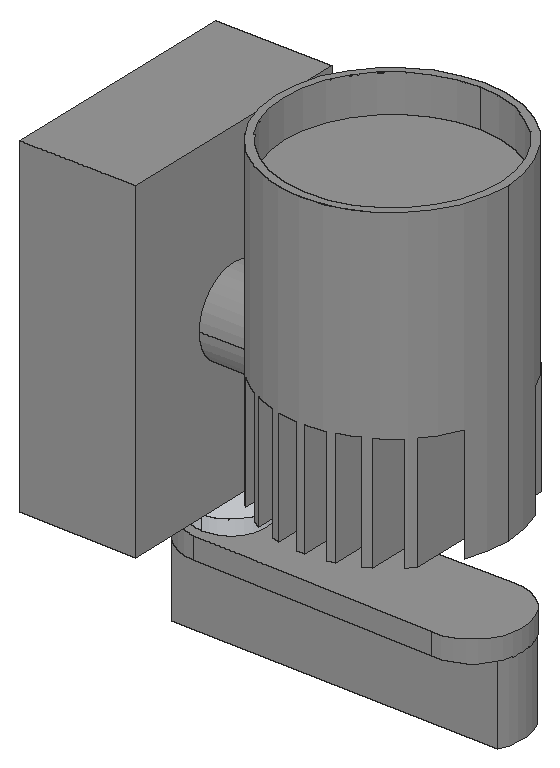
Revit family "2059799 Sylvania Lighting Fixture BEACON MUSE Xicato 4K O B DIM LS3 White", category Lighting Fixtures, host Face, Revit 2016
Family settings
  Host = Face
  Part Type = Normal
  Round Connector Dimension = Use Diameter
  OmniClass Number = 23.80.70.00
  OmniClass Title = Lighting
  Cut with Voids When Loaded = No
  Light Source = Yes
  Shared = No
  Room Calculation Point = No
Parameters (values of type "2059799 BEACON MUSE XICATO 4K O/B DIM LS3 WHT")
  head from driver = 52 mm
  driver head distance = 15 mm
  ceiling drop = 180 mm
  Weight = "n/a"
  Wattage Comments = ""
  Wattage = 0 W
  WarrantyStartDate [instance] = "n/a"
  WarrantyGuarantorParts = ""
  WarrantyDurationUnit = "http://www.sylvania-lighting.com"
  WarrantyDurationParts = "n/a"
  WarrantyDescription = "0.95"
  built-in parameter 1150110 = 1 (stored number, unit not read)
  Voltage = 0 V
  URL = "\\\\svlondc02\\data\\R&D_Fixtures_General\\Dialux Admin\\Michael H\\Bim\\All ranges Feilo\\not Completed\\Beacon Xicato\\Beacon Muse Xicato\\2059799.ies"
  TypeName = "BEACON MUSE Xicato 4K O/B DIM LS3 White"
  Type Image = <None>
  Type Comments = "n/a"
  built-in parameter 1114217 = 1 (stored number, unit not read)
  Tilt Angle = 90.00°
  built-in parameter 1150109 = 1 (stored number, unit not read)
  built-in parameter 1150134 = 3
  built-in parameter 1150113 = 1 (stored number, unit not read)
  SerialNumber [instance] = "n/a"
  Photometric Web File = "2059799.ies"
  Material_3_FEILO = none
  PowerFactor = 0
  PowerConsumption = "0"
  NominalLength = 0 mm
  NominalHeight = 0 mm
  NominalDepth = 0 mm
  Name = "BEACON MUSE Xicato 4K O/B DIM LS3 White"
  ModelReference = Name  # "BEACON MUSE Xicato 4K O/B DIM LS3 White"
  ModelNumber = "2059799"
  Model = Name  # "BEACON MUSE Xicato 4K O/B DIM LS3 White"
  Material = ""
  ManufacturerName = ""
  Manufacturer = ""
  LuminousEfficacy = "100"
  built-in parameter 1150105 = (empty or 0)
  Lumens = 0 lm
  LuminaireType = "395/698 lm"
  built-in parameter 1150115 = 1 (stored number, unit not read)
  Lighting Material = none
  LightOutputRatio = "3"
  built-in parameter 1150137 = (empty or 0)
  built-in parameter 1150139 = (empty or 0)
  Light = none
  LampsType = Lamp  # "n/a"
  LampNominalLuminous = "LED"
  LampMacAdamStep = "16500"
  LampColourTemperature = "n/a"
  LampColourRenderingIndex = "n/a"
  built-in parameter 1150112 = 1 (stored number, unit not read)
  built-in parameter 1150114 = 1 (stored number, unit not read)
  Lamp = "n/a"
  Keynote = "0"
  InstallationDate [instance] = "n/a"
  InputVoltage = "IP20"
  InputNominalFrequency = "IK02"
  built-in parameter 1150132 = (empty or 0)
  built-in parameter 1150102 = (empty or 0)
  built-in parameter 1150107 = 3200 (stored number, unit not read)
  built-in parameter 1150138 = (empty or 0)
  IngressProtection = ""
  ImpactProtectionIndex = "Class II"
  built-in parameter 1150106 = (empty or 0)
  IfcExportType = "IfcLightFixtureType"
  IfcExportAs = "35"
  Head Length [instance] = 142 mm
  ExpectedLife = 50000
  Emit from Circle Diameter = 609.6 mm
  Emit Shape Visible in Rendering = no
  ElectricShockClassification = ""
  built-in parameter 1150104 = 13.8 (stored number, unit not read)
  DurationUnit = "hours"
  Driver Width = 85 mm
  DocumentationLiterature = "http://www.sylvania-lighting.com/product/en-int/products/2059799"
  DimmingControlOptions = "n/a"
  Material_2_FEILO = none
  Dimming Lamp Color Temperature Shift = <None>
  Diameter = 80 mm
  Description = "Integrated LED spotlight with Xicato Artist LED Module, white RAL 9016, unique soft-touch ring, adjustable beam angle from a 8° spot to a 55° flood, compact and minimalist design, ideal for museum, gallery and high-end retail applications, die-cast aluminium body, passive cooling heatsink, beam angle: 8° spot to 52° flood, optics: aspheric glass lens, colour temperature: 4000K neutral white, total system power: 20W, total fixture output: 395/698lm, luminaire efficacy: 35lm/W, LOR: 100%, colour rendering: Ra 97 typical, LED Chromacity: 3 step MacAdam ellipse, lifetime: >50,000 hours at L70B50, energy class: A++, A+, A, IR/UV free light source without heat radiation, operating voltage: 220-240V / 50-60Hz, drive current: 700mA, electronic driver, dimmable via on-board potentiometer, power factor: 0.9 electrical protection: CLASS II, 3-circuit track adaptor, suitable for Concord Lytespan 3 track, ingress protection rating: IP20, suitable for internal environment only, horizontal rotation: 355°, vertical tilt: 90°, dimensions: Ø80x135x176mm, weight: 0.95kg"
  Default Elevation = 115 mm
  CreatedOn = "02/07/2019"
  CreatedBy = "@sylvania-lighting.com"
  Cost = 0
  Color Filter = 16777215
  built-in parameter 1114216 [instance] = (empty or 0)
  ClassificationValue = "EF_70_80"
  ClassificationName = "Uniclass2015"
  Material_1_FEILO = none
  BarCode [instance] = "n/a"
  built-in parameter 1114218 = 1 (stored number, unit not read)
  built-in parameter 1150133 = 10 (stored number, unit not read)
  AssetType = "Fixed"
  AssetIdentifier [instance] = "n/a"
  Assembly Code = "D5020200"
  Apparent Load = 20 VA
  Material_4_FEILO = none
  Adaptor Width = 34.952 mm
  Adaptor Pivot = 24.952 mm
  Adaptor Inside Width = 16.53 mm
Reference planes
  plane 1 "Center (Front/Back)": y = 0
  plane 2: z = 0
  plane 3 "Center (Left/Right)": x = 0
  plane 4: y = 40
  plane 5: y = -40
  plane 6: x = -40
  plane 7: x = 40
  plane 8: z = 148
  plane 9: z = -14
  plane 10: x = -72.5
  plane 11: x = -112.5
  plane 12: z = 76
  plane 13: y = 42.5
  plane 14: y = -42.5
  plane 15: y = 17.476
  plane 16: y = -17.476
  plane 17: y = 12.476
  plane 18: y = -12.476
  plane 19: y = 8.265
  plane 20: y = -8.265
  plane 21: z = 5.5
  plane 22: z = 38
  plane 23: x = 35
  plane 24: x = 28
  plane 25: x = 25.5
  plane 26: x = 18.5
  plane 27: x = 16
  plane 28: x = 9
  plane 29: x = 6.5
  plane 30: x = -0.5
  plane 31: x = -3
  plane 32: x = -10
  plane 33: x = -12.5
  plane 34: x = -19.5
  plane 35: x = -22
  plane 36: x = -29
  plane 37: x = -31.5
  plane 38: x = -38.5
Forms (mm)
  Extrusion 1, solid, material "Aluminum", detail levels medium+fine
    sketch origin (0, 0, 0) x (1, 0, 0) y (0, 1, 0)
      loop
        circle (0, 0) r 40
    from 38 to 148
  Extrusion 2, solid, material "Aluminum", detail levels medium+fine
    sketch origin (17.5, 0, 0) x (1, 0, 0) y (0, 1, 0)
      loop
        line (-112.5, 42.5) -> (-112.5, -42.16) -> (-72.5, -42.16) -> (-72.5, 42.5) -> (-112.5, 42.5)
    from 18 to 133
  Extrusion 3, solid, material "Aluminum"
    sketch origin (336.5, 1524, 1219.2) x (0, 1, 0) y (0, 0, 1)
      loop
        circle (-1524, -1143.2) r 15
    from -391.5 to -373.374
  Extrusion 4, solid, detail levels fine
    sketch origin (16.702, -15.316, 18) x (0, 1, 0) y (1, 0, 0)
      loop
        circle (15.34, -72.5) r 12.5
    from 0 to 5
  Extrusion 5, solid, material "Aluminum", detail levels fine
    sketch origin (15.705, -27.856, 13) x (-1, 0, 0) y (0, 1, 0)
      loop
        arc (-11.998, 45.379) -> (-29.497, 27.722) -> (-11.683, 10.382) r 17.5
        line (-11.683, 10.382) -> (71.502, 11.879)
        arc (71.502, 11.879) -> (87.502, 27.879) -> (71.502, 43.879) r 16
        line (71.502, 43.879) -> (-11.998, 45.379)
    from 0 to 7.5
  Extrusion 6, void
    sketch origin (0, 0, 148) x (0, 1, 0) y (1, 0, 0)
      loop
        circle (0, 0) r 37.5
    from 0 to 15
  Extrusion 7, solid, material "Aluminum", detail levels fine
    sketch origin (17.5, 0, 0) x (1, 0, 0) y (0, 1, 0)
      loop
        arc (-87.012, 8.265) -> (-89.298, 0) -> (-87.012, -8.265) r 16.086
        line (-87.012, -8.265) -> (25.615, -8.265)
        arc (25.615, -8.265) -> (27.702, 0) -> (25.615, 8.265) r 17.405
        line (25.615, 8.265) -> (-87.012, 8.265)
    from -21.5 to 5.5
  Extrusion 8, solid, not visible
    sketch origin (0, 0, 0) x (1, 0, 0) y (0, 1, 0)
      loop
        circle (0, 0) r 57.5
    from 48 to 180
  Extrusion 9, void, not visible
    sketch origin (0, 0, 48) x (1, 0, 0) y (0, 1, 0)
      loop
        line (43.7, -85.519) -> (53.7, -85.519) -> (53.7, 68.594) -> (43.7, 68.594) -> (43.7, -85.519)
      loop
        line (39.9, -85.519) -> (39.9, 68.594) -> (29.9, 68.594) -> (29.9, -85.519) -> (39.9, -85.519)
      loop
        line (26.1, -85.519) -> (26.1, 68.594) -> (16.1, 68.594) -> (16.1, -85.519) -> (26.1, -85.519)
      loop
        line (12.3, -85.519) -> (12.3, 68.594) -> (2.3, 68.594) -> (2.3, -85.519) -> (12.3, -85.519)
      loop
        line (-1.5, -85.519) -> (-1.5, 68.594) -> (-11.5, 68.594) -> (-11.5, -85.519) -> (-1.5, -85.519)
      loop
        line (-15.3, -85.519) -> (-15.3, 68.594) -> (-25.3, 68.594) -> (-25.3, -85.519) -> (-15.3, -85.519)
      loop
        line (-29.1, -85.519) -> (-29.1, 68.594) -> (-39.1, 68.594) -> (-39.1, -85.519) -> (-29.1, -85.519)
      loop
        line (-42.9, -85.519) -> (-42.9, 68.594) -> (-52.9, 68.594) -> (-52.9, -85.519) -> (-42.9, -85.519)
    from 0 to 60
  Extrusion 10, solid, not visible
    sketch origin (319, 1524, 1219.2) x (0, 1, 0) y (0, 0, 1)
      loop
        circle (-1524, -1143.2) r 15
    from -391.5 to -361.9
  Extrusion 11, void, not visible
    sketch origin (0, 0, 180) x (0, 1, 0) y (1, 0, 0)
      loop
        circle (0, 0) r 53
    from 0 to 15
  Extrusion 12, solid, not visible
    sketch origin (0, 0, 0) x (1, 0, 0) y (0, 1, 0)
      loop
        circle (0, 0) r 57.5
    from 48 to 180
  Extrusion 13, solid, not visible
    sketch origin (0, 0, 0) x (1, 0, 0) y (0, 1, 0)
      loop
        line (-112.5, 42.5) -> (-112.5, -42.16) -> (-72.5, -42.16) -> (-72.5, 42.5) -> (-112.5, 42.5)
    from 18 to 133
  Extrusion 14, void, not visible
    sketch origin (0, 0, 48) x (1, 0, 0) y (0, 1, 0)
      loop
        line (43.7, -85.519) -> (53.7, -85.519) -> (53.7, 68.594) -> (43.7, 68.594) -> (43.7, -85.519)
      loop
        line (39.9, -85.519) -> (39.9, 68.594) -> (29.9, 68.594) -> (29.9, -85.519) -> (39.9, -85.519)
      loop
        line (26.1, -85.519) -> (26.1, 68.594) -> (16.1, 68.594) -> (16.1, -85.519) -> (26.1, -85.519)
      loop
        line (12.3, -85.519) -> (12.3, 68.594) -> (2.3, 68.594) -> (2.3, -85.519) -> (12.3, -85.519)
      loop
        line (-1.5, -85.519) -> (-1.5, 68.594) -> (-11.5, 68.594) -> (-11.5, -85.519) -> (-1.5, -85.519)
      loop
        line (-15.3, -85.519) -> (-15.3, 68.594) -> (-25.3, 68.594) -> (-25.3, -85.519) -> (-15.3, -85.519)
      loop
        line (-29.1, -85.519) -> (-29.1, 68.594) -> (-39.1, 68.594) -> (-39.1, -85.519) -> (-29.1, -85.519)
      loop
        line (-42.9, -85.519) -> (-42.9, 68.594) -> (-52.9, 68.594) -> (-52.9, -85.519) -> (-42.9, -85.519)
    from 0 to 60
  Extrusion 15, solid, not visible
    sketch origin (319, 1524, 1219.2) x (0, 1, 0) y (0, 0, 1)
      loop
        circle (-1524, -1143.2) r 15
    from -391.5 to -361.9
  Extrusion 16, void, not visible
    sketch origin (0, 0, 180) x (0, 1, 0) y (1, 0, 0)
      loop
        circle (0, 0) r 53
    from 0 to 15
  Extrusion 17, solid, not visible
    sketch origin (0, 0, 0) x (1, 0, 0) y (0, 1, 0)
      loop
        circle (0, 0) r 57.5
    from 48 to 180
  Extrusion 18, solid, not visible
    sketch origin (0, 0, 0) x (1, 0, 0) y (0, 1, 0)
      loop
        line (-112.5, 42.5) -> (-112.5, -42.16) -> (-72.5, -42.16) -> (-72.5, 42.5) -> (-112.5, 42.5)
    from 18 to 133
  Extrusion 19, void, not visible
    sketch origin (0, 0, 48) x (1, 0, 0) y (0, 1, 0)
      loop
        line (43.7, -85.519) -> (53.7, -85.519) -> (53.7, 68.594) -> (43.7, 68.594) -> (43.7, -85.519)
      loop
        line (39.9, -85.519) -> (39.9, 68.594) -> (29.9, 68.594) -> (29.9, -85.519) -> (39.9, -85.519)
      loop
        line (26.1, -85.519) -> (26.1, 68.594) -> (16.1, 68.594) -> (16.1, -85.519) -> (26.1, -85.519)
      loop
        line (12.3, -85.519) -> (12.3, 68.594) -> (2.3, 68.594) -> (2.3, -85.519) -> (12.3, -85.519)
      loop
        line (-1.5, -85.519) -> (-1.5, 68.594) -> (-11.5, 68.594) -> (-11.5, -85.519) -> (-1.5, -85.519)
      loop
        line (-15.3, -85.519) -> (-15.3, 68.594) -> (-25.3, 68.594) -> (-25.3, -85.519) -> (-15.3, -85.519)
      loop
        line (-29.1, -85.519) -> (-29.1, 68.594) -> (-39.1, 68.594) -> (-39.1, -85.519) -> (-29.1, -85.519)
      loop
        line (-42.9, -85.519) -> (-42.9, 68.594) -> (-52.9, 68.594) -> (-52.9, -85.519) -> (-42.9, -85.519)
    from 0 to 60
  Extrusion 20, solid, not visible
    sketch origin (319, 1524, 1219.2) x (0, 1, 0) y (0, 0, 1)
      loop
        circle (-1524, -1143.2) r 15
    from -391.5 to -361.9
  Extrusion 21, solid, not visible
    sketch origin (-0.798, -15.316, 18) x (0, 1, 0) y (1, 0, 0)
      loop
        circle (15.34, -72.5) r 12.5
    from 0 to 5
  Extrusion 22, solid, not visible
    sketch origin (-1.795, -27.856, 13) x (-1, 0, 0) y (0, 1, 0)
      loop
        arc (-11.998, 45.379) -> (-29.497, 27.722) -> (-11.683, 10.382) r 17.5
        line (-11.683, 10.382) -> (71.502, 11.879)
        arc (71.502, 11.879) -> (87.502, 27.879) -> (71.502, 43.879) r 16
        line (71.502, 43.879) -> (-11.998, 45.379)
    from 0 to 7.5
  Extrusion 23, void, not visible
    sketch origin (0, 0, 180) x (0, 1, 0) y (1, 0, 0)
      loop
        circle (0, 0) r 53
    from 0 to 15
  Extrusion 24, solid, not visible
    sketch origin (0, 0, 0) x (1, 0, 0) y (0, 1, 0)
      loop
        circle (0, 0) r 57.5
    from 48 to 180
  Extrusion 25, solid, not visible
    sketch origin (0, 0, 0) x (1, 0, 0) y (0, 1, 0)
      loop
        line (-112.5, 42.5) -> (-112.5, -42.16) -> (-72.5, -42.16) -> (-72.5, 42.5) -> (-112.5, 42.5)
    from 18 to 133
  Extrusion 26, void, not visible
    sketch origin (0, 0, 48) x (1, 0, 0) y (0, 1, 0)
      loop
        line (43.7, -85.519) -> (53.7, -85.519) -> (53.7, 68.594) -> (43.7, 68.594) -> (43.7, -85.519)
      loop
        line (39.9, -85.519) -> (39.9, 68.594) -> (29.9, 68.594) -> (29.9, -85.519) -> (39.9, -85.519)
      loop
        line (26.1, -85.519) -> (26.1, 68.594) -> (16.1, 68.594) -> (16.1, -85.519) -> (26.1, -85.519)
      loop
        line (12.3, -85.519) -> (12.3, 68.594) -> (2.3, 68.594) -> (2.3, -85.519) -> (12.3, -85.519)
      loop
        line (-1.5, -85.519) -> (-1.5, 68.594) -> (-11.5, 68.594) -> (-11.5, -85.519) -> (-1.5, -85.519)
      loop
        line (-15.3, -85.519) -> (-15.3, 68.594) -> (-25.3, 68.594) -> (-25.3, -85.519) -> (-15.3, -85.519)
      loop
        line (-29.1, -85.519) -> (-29.1, 68.594) -> (-39.1, 68.594) -> (-39.1, -85.519) -> (-29.1, -85.519)
      loop
        line (-42.9, -85.519) -> (-42.9, 68.594) -> (-52.9, 68.594) -> (-52.9, -85.519) -> (-42.9, -85.519)
    from 0 to 60
  Extrusion 27, solid, not visible
    sketch origin (319, 1524, 1219.2) x (0, 1, 0) y (0, 0, 1)
      loop
        circle (-1524, -1143.2) r 15
    from -391.5 to -361.9
  Extrusion 28, solid, not visible
    sketch origin (-0.798, -15.316, 18) x (0, 1, 0) y (1, 0, 0)
      loop
        circle (15.34, -72.5) r 12.5
    from 0 to 5
  Extrusion 29, solid, not visible
    sketch origin (-1.795, -27.856, 13) x (-1, 0, 0) y (0, 1, 0)
      loop
        arc (-11.998, 45.379) -> (-29.497, 27.722) -> (-11.683, 10.382) r 17.5
        line (-11.683, 10.382) -> (71.502, 11.879)
        arc (71.502, 11.879) -> (87.502, 27.879) -> (71.502, 43.879) r 16
        line (71.502, 43.879) -> (-11.998, 45.379)
    from 0 to 7.5
  Extrusion 30, void, not visible
    sketch origin (0, 0, 180) x (0, 1, 0) y (1, 0, 0)
      loop
        circle (0, 0) r 53
    from 0 to 15
  Extrusion 31, solid, not visible
    sketch origin (0, 0, 0) x (1, 0, 0) y (0, 1, 0)
      loop
        arc (-87.012, 8.265) -> (-89.298, 0) -> (-87.012, -8.265) r 16.086
        line (-87.012, -8.265) -> (25.615, -8.265)
        arc (25.615, -8.265) -> (27.702, 0) -> (25.615, 8.265) r 17.405
        line (25.615, 8.265) -> (-87.012, 8.265)
    from -21.5 to 5.5
  Extrusion 32, solid, material "Glass, White, High Luminance", detail levels medium+fine
    sketch origin (0, 0, 133) x (0, 1, 0) y (-1, 0, 0)
      loop
        circle (0, 0) r 37.5
    from 0 to 2
  Extrusion 33, void
    sketch origin (2, 0, 38) x (1, 0, 0) y (0, 1, 0)
      loop
        line (35, 50.956) -> (28, 50.956) -> (28, -46.879) -> (35, -46.879) -> (35, 50.956)
      loop
        line (25.5, 50.956) -> (18.5, 50.956) -> (18.5, -46.879) -> (25.5, -46.879) -> (25.5, 50.956)
      loop
        line (9, 50.956) -> (9, -46.879) -> (16, -46.879) -> (16, 50.956) -> (9, 50.956)
      loop
        line (-0.316, 50.956) -> (-0.316, -46.879) -> (6.5, -46.879) -> (6.5, 50.956) -> (-0.316, 50.956)
      loop
        line (-10, 50.956) -> (-10, -46.879) -> (-3, -46.879) -> (-3, 50.956) -> (-10, 50.956)
      loop
        line (-19.5, 50.956) -> (-19.5, -46.879) -> (-12.5, -46.879) -> (-12.5, 50.956) -> (-19.5, 50.956)
      loop
        line (-29, 50.956) -> (-29, -46.879) -> (-22, -46.879) -> (-22, 50.956) -> (-29, 50.956)
      loop
        line (-38.5, 50.956) -> (-38.5, -46.879) -> (-31.5, -46.879) -> (-31.5, 50.956) -> (-38.5, 50.956)
    from 0 to 40
  Extrusion 34, solid, detail levels coarse
    sketch origin (0, 0, 148) x (1, 0, 0) y (0, 1, 0)
      loop
        line (-95, 42.5) -> (-95, -42.16) -> (45, -42.16) -> (45, 42.5) -> (-95, 42.5)
    from -169.5 to 0
Cuts and joins
  Extrusion 6, Extrusion 33 cuts Extrusion 1
Lines and regions (mm)
  reference lines
    curve 1: line (-55.798, 12.524, 13) -> (-55.798, -12.476, 13)
    curve 2: line (-43.298, -15.316, 13) -> (-68.298, -15.316, 13)
  reference lines, not visible
    curve 3: line (-73.298, 12.524, 13) -> (-73.298, -12.476, 13)
    curve 4: line (-60.798, -15.316, 13) -> (-85.798, -15.316, 13)
    curve 5: line (-73.298, 12.524, 13) -> (-73.298, -12.476, 13)
    curve 6: line (-60.798, -15.316, 13) -> (-85.798, -15.316, 13)
Dimensions and locks
  "Diameter": plane 6 to plane 7
  equal spacing: plane 6, plane 3 "Center (Left/Right)", plane 7
  "Diameter": plane 4 to plane 5
  equal spacing: plane 4, plane 1 "Center (Front/Back)", plane 5
  plane 8 to level = 148 mm
  locked: plane 8 to plane 9 at 162
  "Driver Width": plane 13 to plane 14
  equal spacing: plane 13, plane 1 "Center (Front/Back)", plane 14
  "Adaptor Width": plane 15 to plane 16
  "Adaptor Pivot": plane 17 to plane 18
  equal spacing: plane 17, plane 1 "Center (Front/Back)", plane 18
  "Adaptor Inside Width": plane 19 to plane 20
  equal spacing: plane 19, plane 1 "Center (Front/Back)", plane 20
  "head from driver": plane 22 to plane 9
  aligned and locked: plane 2 to host face
  aligned and locked: level to host face
  aligned and locked: Extrusion 1 to plane 22
Automatic sketch dimensions
  host sketch curve to host sketch curve = 2438.4 mm  (x2)
  Extrusion 5 sketch curve to Extrusion 5 sketch curve = 83.185 mm
  Extrusion 5 sketch curve to Extrusion 5 sketch curve = 0.315 mm
  Extrusion 5 sketch curve to Extrusion 5 sketch curve = 1.5 mm
  Extrusion 5 sketch curve to Extrusion 5 sketch curve = 17.5 mm
  Extrusion 7 sketch curve to Extrusion 7 sketch curve = 15.318 mm
  Extrusion 9 sketch curve to Extrusion 9 sketch curve = 10 mm  (x8)
  Extrusion 9 sketch curve to Extrusion 9 sketch curve = 3.8 mm  (x7)
  Extrusion 9 sketch curve to Extrusion 9 sketch curve = 0 mm  (x14)
  Extrusion 9 sketch curve to Extrusion 9 sketch curve = 154.113 mm
  Extrusion 2 sketch curve to Extrusion 2 sketch curve = 40 mm
  Extrusion 2 sketch curve to Extrusion 2 sketch curve = 84.66 mm
  Extrusion 14 sketch curve to Extrusion 14 sketch curve = 10 mm  (x8)
  Extrusion 14 sketch curve to Extrusion 14 sketch curve = 3.8 mm  (x7)
  Extrusion 14 sketch curve to Extrusion 14 sketch curve = 0 mm  (x14)
  Extrusion 14 sketch curve to Extrusion 14 sketch curve = 154.113 mm
  Extrusion 13 sketch curve to Extrusion 13 sketch curve = 40 mm
  Extrusion 13 sketch curve to Extrusion 13 sketch curve = 84.66 mm
  Extrusion 19 sketch curve to Extrusion 19 sketch curve = 10 mm  (x8)
  Extrusion 19 sketch curve to Extrusion 19 sketch curve = 3.8 mm  (x7)
  Extrusion 19 sketch curve to Extrusion 19 sketch curve = 0 mm  (x14)
  Extrusion 19 sketch curve to Extrusion 19 sketch curve = 154.113 mm
  Extrusion 22 sketch curve to Extrusion 22 sketch curve = 83.185 mm
  Extrusion 22 sketch curve to Extrusion 22 sketch curve = 0.315 mm
  Extrusion 22 sketch curve to Extrusion 22 sketch curve = 1.5 mm
  Extrusion 22 sketch curve to Extrusion 22 sketch curve = 17.5 mm
  Extrusion 18 sketch curve to Extrusion 18 sketch curve = 40 mm
  Extrusion 18 sketch curve to Extrusion 18 sketch curve = 84.66 mm
  Extrusion 7 sketch curve to Extrusion 7 sketch curve = 0 mm  (x2)
  Extrusion 7 sketch curve to Extrusion 7 sketch curve = 13.8 mm
  Extrusion 7 sketch curve to Extrusion 7 sketch curve = 83.509 mm
  Extrusion 7 sketch curve to Extrusion 7 sketch curve = 8.265 mm
  Extrusion 26 sketch curve to Extrusion 26 sketch curve = 10 mm  (x8)
  Extrusion 26 sketch curve to Extrusion 26 sketch curve = 3.8 mm  (x7)
  Extrusion 26 sketch curve to Extrusion 26 sketch curve = 0 mm  (x14)
  Extrusion 26 sketch curve to Extrusion 26 sketch curve = 154.113 mm
  Extrusion 29 sketch curve to Extrusion 29 sketch curve = 83.185 mm
  Extrusion 29 sketch curve to Extrusion 29 sketch curve = 0.315 mm
  Extrusion 29 sketch curve to Extrusion 29 sketch curve = 1.5 mm
  Extrusion 29 sketch curve to Extrusion 29 sketch curve = 17.5 mm
  Extrusion 31 sketch curve to Extrusion 31 sketch curve = 15.318 mm
  Extrusion 25 sketch curve to Extrusion 25 sketch curve = 40 mm
  Extrusion 25 sketch curve to Extrusion 25 sketch curve = 84.66 mm
  Extrusion 31 sketch curve to Extrusion 31 sketch curve = 0 mm  (x2)
  Extrusion 31 sketch curve to Extrusion 31 sketch curve = 13.8 mm
  Extrusion 31 sketch curve to Extrusion 31 sketch curve = 83.509 mm
  Extrusion 31 sketch curve to Extrusion 31 sketch curve = 8.265 mm
  Extrusion 7 sketch curve to plane 19 = 0 mm
  plane 10 to Extrusion 7 sketch curve = 2.988 mm
  Extrusion 2 to Extrusion 4 sketch curve = 0.798 mm
  Extrusion 2 to Extrusion 4 sketch curve = 42.184 mm
  curve 2 to curve 1 = 2.84 mm
  curve 1 to curve 1 = 25 mm
  curve 2 to curve 1 = 12.5 mm
  curve 1 to curve 2 = 12.5 mm
  plane 11 to Extrusion 2 sketch curve = 17.5 mm
  plane 13 to Extrusion 2 sketch curve = 0 mm
  plane 1 "Center (Front/Back)" to Extrusion 1 sketch curve = 0 mm
  Extrusion 1 sketch curve to plane 3 "Center (Left/Right)" = 0 mm
  Extrusion 3 sketch curve to plane 1 "Center (Front/Back)" = 0 mm
  plane 12 to Extrusion 3 sketch curve = 0 mm
  Extrusion 33 sketch curve to Extrusion 33 sketch curve = 7 mm  (x7)
  Extrusion 33 sketch curve to Extrusion 33 sketch curve = 2.5 mm  (x6)
  Extrusion 33 sketch curve to Extrusion 33 sketch curve = 2.684 mm
  Extrusion 33 sketch curve to Extrusion 33 sketch curve = 6.816 mm
  Extrusion 33 sketch curve to Extrusion 33 sketch curve = 0 mm  (x14)
  Extrusion 33 sketch curve to Extrusion 33 sketch curve = 97.836 mm
  Extrusion 34 sketch curve to Extrusion 34 sketch curve = 140 mm
  Extrusion 34 sketch curve to Extrusion 34 sketch curve = 84.66 mm
  radius of Extrusion 1 sketch curve = 40 mm
  radius of Extrusion 3 sketch curve = 15 mm
  radius of Extrusion 4 sketch curve = 12.5 mm
  radius of Extrusion 4 to Extrusion 5 sketch curve = 3.5 mm
  radius of Extrusion 6 sketch curve = 37.5 mm
  radius of Extrusion 8 sketch curve = 57.5 mm
  radius of Extrusion 10 sketch curve = 15 mm
  radius of Extrusion 11 sketch curve = 53 mm
  radius of Extrusion 12 sketch curve = 57.5 mm
  radius of Extrusion 15 sketch curve = 15 mm
  radius of Extrusion 16 sketch curve = 53 mm
  radius of Extrusion 17 sketch curve = 57.5 mm
  radius of Extrusion 20 sketch curve = 15 mm
  radius of Extrusion 21 sketch curve = 12.5 mm
  radius of Extrusion 21 to Extrusion 22 sketch curve = 3.5 mm
  radius of Extrusion 23 sketch curve = 53 mm
  radius of Extrusion 24 sketch curve = 57.5 mm
  radius of Extrusion 27 sketch curve = 15 mm
  radius of Extrusion 28 sketch curve = 12.5 mm
  radius of Extrusion 28 to Extrusion 29 sketch curve = 3.5 mm
  radius of Extrusion 30 sketch curve = 53 mm
  radius of Extrusion 32 sketch curve to Extrusion 6 = 0 mm
Connectors
  electrical at (-13.199, 0, -21.5)
    settings: on Extrusion 7, index 1, voltage 0 V, apparent load 0 VA, apparent load phase1 0 VA, apparent load phase2 0 VA, apparent load phase3 0 VA, power factor 1, load classification "Other", number of poles 1, system type 31, power factor state 1, is connector primary yes, connector utility no, sub classification motor no, connector description ""
